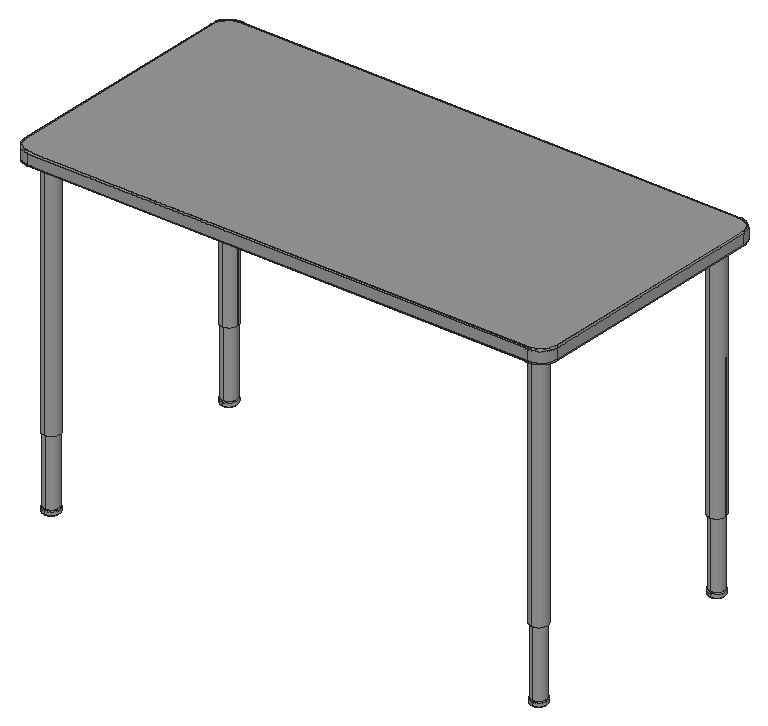
Revit family "Hierarchy Activity 48x24", category Generic Models, Revit 2018
Family settings
  Can host rebar = No
  Round Connector Dimension = Use Diameter
  Part Type = Normal
  Work Plane-Based = No
  Always vertical = Yes
  Cut with Voids When Loaded = No
  Shared = No
  Room Calculation Point = No
Parameters
  Table Height = 2' - 4 1/2"
  Surface = Hierarchy Activity 4824 Surface
  Leg Finish = Shapes Leg Platinum
  Edgeband = Hierarchy Activity 4824 Edgeband
  Caster/Glider = Shapes Leg - Glider : Shapes Leg - Glider
Reference planes (in)
  plane 1 "Center (Front/Back)": y = 0
  plane 2: z = 0
  plane 3 "Center (Left/Right)": x = 0
  plane 4 "Table Height": z = 28.5
Dimensions and locks (in)
  "Table Height": plane 4 "Table Height" to level
  aligned and locked: plane 2 to level
  aligned and locked: nested 1 to plane 4 "Table Height"
Nested families (in)
  nested 1: "Activity 48x24 Tabletop" at (0, 0, 4.575), type "Activity 48x24 Tabletop"
  nested 2: "Shapes Leg - Glider" at (22.00293, 9.95495, 0) x (0, -1, 0) z (0, 0, 1), Leg Height <- "Table Height", Shapes Leg Finish <- "Leg Finish", type <- "Caster/Glider", type "Shapes Leg - Glider"
    with Shapes Leg Finish Shapes Leg Platinum, Leg Height 2' - 4 1/2"
  nested 3: "Shapes Leg - Glider" at (21.9797, -10.0597, 0) x (0, -1, 0) z (0, 0, 1), Leg Height <- "Table Height", Shapes Leg Finish <- "Leg Finish", type <- "Caster/Glider", type "Shapes Leg - Glider"
    with Shapes Leg Finish Shapes Leg Platinum, Leg Height 2' - 4 1/2"
  nested 4: "Shapes Leg - Glider" at (-21.94926, 9.95495, 0) x (0, -1, 0) z (0, 0, 1), Leg Height <- "Table Height", Shapes Leg Finish <- "Leg Finish", type "Shapes Leg - Glider"
    with Shapes Leg Finish Shapes Leg Platinum, Leg Height 2' - 4 1/2"
  nested 5: "Shapes Leg - Glider" at (-21.97249, -10.0597, 0) x (0, -1, 0) z (0, 0, 1), Leg Height <- "Table Height", Shapes Leg Finish <- "Leg Finish", type "Shapes Leg - Glider"
    with Shapes Leg Finish Shapes Leg Platinum, Leg Height 2' - 4 1/2"
Definition of nested family "Activity 48x24 Tabletop"
  Parameters (values of type "Activity 48x24 Tabletop")
    Surface = none
    Edgeband = none
  Reference planes (in)
    plane 1 "Center (Front/Back)": y = 0
    plane 2: z = 0
    plane 3 "Center (Left/Right)": x = 0
  Forms (in)
    Extrusion 1, solid, material <- "Surface"
      sketch origin (0, 0, 0) x (1, 0, 0) y (0, 1, 0)
        loop
          line (22.5, 11.88189) -> (-22.5, 11.88189)
          arc (-22.5, 11.88189) -> (-23.47714, 11.47714) -> (-23.88189, 10.5) r 1.38189
          line (-23.88189, 10.5) -> (-23.88189, -10.5)
          arc (-23.88189, -10.5) -> (-23.47714, -11.47714) -> (-22.5, -11.88189) r 1.38189
          line (-22.5, -11.88189) -> (22.5, -11.88189)
          arc (22.5, -11.88189) -> (23.47714, -11.47714) -> (23.88189, -10.5) r 1.38189
          line (23.88189, -10.5) -> (23.88189, 10.5)
          arc (23.88189, 10.5) -> (23.47714, 11.47714) -> (22.5, 11.88189) r 1.38189
      from 23.925 to 25.125
    Sweep 2, solid, material <- "Edgeband"
      path origin (0, 0, 0) x (1, 0, 0) y (0, 1, 0)
        loop
          line (22.5, 11.88189) -> (-22.5, 11.88189)
          arc (-22.5, 11.88189) -> (-23.47714, 11.47714) -> (-23.88189, 10.5) r 1.38189
          line (-23.88189, 10.5) -> (-23.88189, -10.5)
          arc (-23.88189, -10.5) -> (-23.47714, -11.47714) -> (-22.5, -11.88189) r 1.38189
          line (-22.5, -11.88189) -> (22.5, -11.88189)
          arc (22.5, -11.88189) -> (23.47714, -11.47714) -> (23.88189, -10.5) r 1.38189
          line (23.88189, -10.5) -> (23.88189, 10.5)
          arc (23.88189, 10.5) -> (23.47714, 11.47714) -> (22.5, 11.88189) r 1.38189
      profile origin (0, 11.88189, 0) x (0, -1, 0) y (0, 0, 1)
        loop
          arc (-0.11811, 24.04311) -> (-0.08352, 23.95959) -> (0, 23.925) r 0.11811
          line (0, 23.925) -> (0, 25.125)
          arc (0, 25.125) -> (-0.08352, 25.09041) -> (-0.11811, 25.00689) r 0.11811
          line (-0.11811, 25.00689) -> (-0.11811, 24.04311)
  Dimensions and locks (in)
    aligned and locked: plane 2 to level
Definition of nested family "Shapes Leg - Glider"
  Parameters (values of type "Shapes Leg - Glider")
    Shapes Leg Finish [instance] = none
    Leg Height [instance] = 2' - 4 1/2"
  Reference planes (in)
    plane 1 "Center (Front/Back)": y = 0
    plane 2: z = 0
    plane 3 "Center (Left/Right)": x = 0
  Forms (in)
    Extrusion 1, solid
      sketch origin (-0.01562, 0, 0) x (1, 0, 0) y (0, 1, 0)
        loop
          circle (0.01563, 0) r 0.64906
      from 0.50586 to 20.17439
  Dimensions and locks (in)
    "Leg Height": nested 2 to level
    aligned and locked: plane 2 to level
  Automatic sketch dimensions
    plane 1 "Center (Front/Back)" to Extrusion 1 sketch curve = 0' - 0"
    Extrusion 1 sketch curve to plane 3 "Center (Left/Right)" = 0' - 0"
    radius of Extrusion 1 sketch curve = 0' - 0.64906"
  Nested families (in)
    nested 1: "Glider" at (0, 0, 0), type "Glider"
    nested 2: "Shapes Upper Leg" at (0, 0, 0), Shapes Leg Finish <- "Shapes Leg Finish", type "Shapes Upper Leg"
      with Shapes Leg Finish none
  Definition of nested family "Glider"
    Reference planes (in)
      plane 1 "Center (Front/Back)": y = 0
      plane 2: z = 0
      plane 3 "Center (Left/Right)": x = 0
    Forms (in)
      Revolve 1, solid
        sketch origin (0, 0, 0) x (1, 0, 0) y (0, 0, 1)
          loop
            line (0.26614, 0.50586) -> (0, 0.50586) -> (0, 0.09994) -> (0.71656, 0.09994) -> (0.71656, 0.37634)
            arc (0.71656, 0.37634) -> (0.70181, 0.41548) -> (0.66511, 0.43552) r 0.06011
            arc (0.66511, 0.43552) -> (0.46609, 0.45951) -> (0.26614, 0.47365) r 4.06535
            line (0.26614, 0.47365) -> (0.26614, 0.50586)
          axis (0, 0.50586) -> (0, 0.09994)
        angle from 0 to 360
      Revolve 2, solid
        sketch origin (0, 0, 0) x (1, 0, 0) y (0, 0, 1)
          loop
            line (0.65534, 0.1212) -> (0, 0.1212) -> (0, 0) -> (0.57593, 0)
            arc (0.57593, 0) -> (0.63208, 0.02326) -> (0.65534, 0.07941) r 0.07941
            line (0.65534, 0.07941) -> (0.65534, 0.1212)
          axis (0, 0.1212) -> (0, 0)
        angle from 0 to 360
    Dimensions and locks (in)
      aligned and locked: plane 2 to level
  Definition of nested family "Shapes Upper Leg"
    Parameters (values of type "Shapes Upper Leg")
      Shapes Leg Finish [instance] = none
    Reference planes (in)
      plane 1 "Center (Front/Back)": y = 0
      plane 2: z = 0
      plane 3 "Center (Left/Right)": x = 0
    Forms (in)
      Extrusion 1, solid, material <- "Shapes Leg Finish"
        sketch origin (0, 0, 0) x (1, 0, 0) y (0, 1, 0)
          loop
            circle (0, 0) r 0.75
        from 6.5 to 28.5
    Dimensions and locks (in)
      aligned and locked: plane 2 to level
